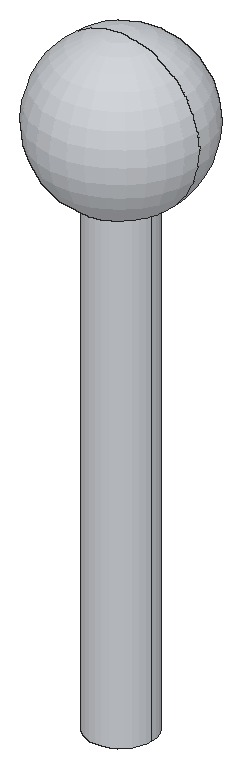
Revit family "Probe_WIFI", category Electrical Fixtures, Revit 2025
Family settings
  Round Connector Dimension = Use Diameter
  Part Type = Normal
  Work Plane-Based = No
  Always vertical = Yes
  Cut with Voids When Loaded = No
  Maintain Annotation Orientation = No
  Shared = No
  Room Calculation Point = No
Parameters
  Default Elevation = 0 mm
Reference planes
  plane 1 "Center (Front/Back)": y = 0
  plane 2: z = 0
  plane 3 "Center (Left/Right)": x = 0
Forms (mm)
  Revolve 1, solid
    sketch origin (0, 0, 0) x (1, 0, 0) y (0, 0, 1)
      loop
        line (0, 0) -> (20, 0) -> (20, 300)
        arc (20, 300) -> (48.945, 356.041) -> (0, 395.826) r 50
        line (0, 395.826) -> (0, 0)
      axis (0, 395.826) -> (0, 0)
    angle from 0 to 360
Dimensions and locks
  Revolve 1 to level = 300 mm
  aligned and locked: level to plane 2
